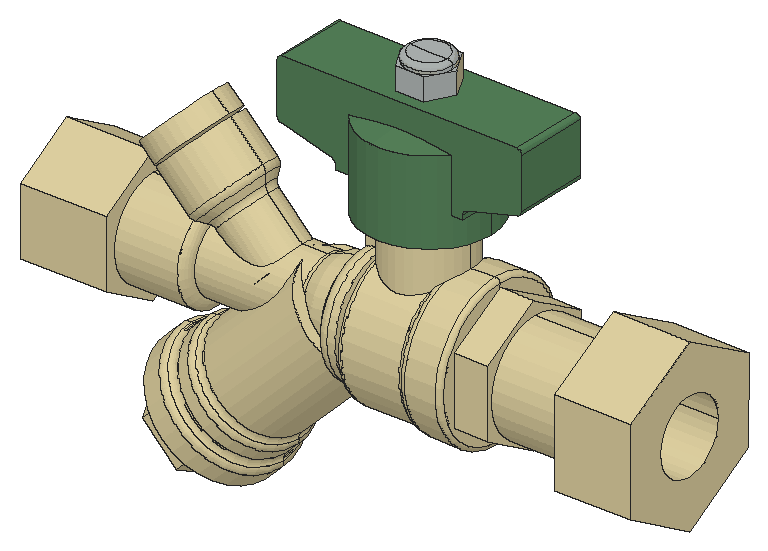
Revit family "QD36260000", category Apparecchi idraulici, Revit 2020
Family settings
  Quota connettore circolare = Usa diametro
  Tipo di parte = Normale
  Numero OmniClass = 23.45.00.00
  Titolo OmniClass = Sanitary, Laundry, and Cleaning Equipment
  Basato su piano di lavoro = No
  Sempre verticale = Sì
  Taglio con vuoti quando caricato = No
  Condiviso = No
  Punto di calcolo locali = No
Parameters
  URL = "https://web.cimberio.it/index.php/figura/1688?subcategoria_id=89"
  Temperatura di esercizio = "-20 ÷ 90°C"
  Prospetto di default = 0 mm
  Produttore = "CIMBERIO SPA"
  Pressione nominale = "PN 16"
  Modello = "Cim 624CRNL"
  Materiale = "Prodotto in lega di ottone conforme alla norma EN 12165-CW511L-DW nelle misure fino a 1\"1/4 e in lega di ottone conforme alla norma EN 1982-CC752S low lead nelle misure da 1\"1/2 a 2\""
  Descrizione = "Utilizzato nei più svariati settori dell'impiantistica: reti di distribuzione acqua potabile, impianti di riscaldamento, condizionamento, igienico-sanitari e in generale con ogni fluido non corrosivo"
  DN Model [instance] = QD36262099 : QD36262099
  DN [instance] = 15 mm
  Commenti sul tipo = "Realizzato in ottemperanza ai requisiti gestionali della norma EN ISO 9001.\r\nCollaudato al 100% secondo la normativa EN 12266-1"
Reference planes
  plane 1 "Centro (Fronte/Retro)": y = 0
  plane 2: z = 0
  plane 3 "Centro (Sinistra/Destra)": x = 0
Dimensions and locks
  aligned and locked: level to plane 2
Nested families
  nested 1: "QD36262099" at (0, 0, 0), type <- "DN Model", type "QD36262099"
    with Diametro DN singolo 15 mm, DN 10 mm
  nested 2: "QD36262099" at (0, 0, 0), type <- "DN Model", type "QD36262099"
    with Diametro DN singolo 20 mm, DN 10 mm
  nested 3: "QD36262099" at (0, 0, 0), type <- "DN Model", type "QD36262099"
    with Diametro DN singolo 20 mm, DN 10 mm
  nested 4: "QD36262099" at (0, 0, 0), type <- "DN Model", type "QD36262099"
    with Diametro DN singolo 25 mm, DN 10 mm
  nested 5: "QD36262099" at (0, 0, 0), type <- "DN Model", type "QD36262099"
    with Diametro DN singolo 25 mm, DN 10 mm
  nested 6: "QD36262099" at (0, 0, 0), type <- "DN Model", type "QD36262099"
    with Diametro DN singolo 32 mm, DN 10 mm
  nested 7: "QD36262099" at (0, 0, 0), type <- "DN Model", type "QD36262099"
    with Diametro DN singolo 32 mm, DN 10 mm
  nested 8: "QD36262099" at (0, 0, 0), type <- "DN Model", type "QD36262099"
    with Diametro DN singolo 32 mm, DN 10 mm
  nested 9: "QD36262099" at (0, 0, 0), type <- "DN Model", type "QD36262099"
    with Diametro DN singolo 40 mm, DN 10 mm
  nested 10: "QD36262099" at (0, 0, 0), type <- "DN Model", type "QD36262099"
    with Diametro DN singolo 40 mm, DN 10 mm
  nested 11: "QD36262099" at (0, 0, 0), type <- "DN Model", type "QD36262099"
    with Diametro DN singolo 50 mm, DN 10 mm
Connectors
  piping at (-74, 0, 0), diameter 15, driven by "DN"
    settings: on nested 1, index 1, connector inside diameter 609.6 mm, connector length 0 mm, flow factor 0, pipe flow 0.0 L/s, pressure drop 0.0 Pa, fitting loss kfactor 0, connector angle 0.00°, fixture units 0, engagement length 0 mm, angle of deflection 0.00°, flow configuration 0, flow direction 0, fitting loss method 0, system type 7, joint type 0, gender type 0, connector reference index -1, connector utility 0, adjustable connector no, is connector primary yes, connector description ""
  piping at (53.2, 0, 0), diameter 15, driven by "DN"
    settings: on nested 1, index 2, connector inside diameter 609.6 mm, connector length 0 mm, flow factor 0, pipe flow 0.0 L/s, pressure drop 0.0 Pa, fitting loss kfactor 0, connector angle 0.00°, fixture units 0, engagement length 0 mm, angle of deflection 0.00°, flow configuration 0, flow direction 0, fitting loss method 0, system type 7, joint type 0, gender type 0, connector reference index -1, connector utility 0, adjustable connector no, is connector primary no, connector description ""
Definition of nested family "QD36262099"
  Parameters (values of type "QD36262099")
    Default Elevation = 0 mm
    Diametro DN singolo [instance] = 15 mm
    DN [instance] = 10 mm  # constant formula
  Reference planes
    plane 1 "Centro (Fronte/Retro)": y = 0
    plane 2: z = 0
    plane 3 "Centro (Sinistra/Destra)": x = 0
  Forms (mm)
    Revolve 1, solid
      sketch origin (0, 0, 0.284) x (1, 0, 0) y (0, 0, 1)
        loop
          line (0, 51.516) -> (0, 49.733) -> (4.75, 49.733) -> (4.75, 50.516)
          arc (4.75, 50.516) -> (4.457, 51.223) -> (3.75, 51.516) r 1
          line (3.75, 51.516) -> (0, 51.516)
        axis (0, 51.516) -> (0, 49.733)
      angle from 0 to 360
    Revolve 2, solid
      sketch origin (0, 0, 0) x (1, 0, 0) y (0, 0, 1)
        loop
          line (14.5, -7.5) -> (-14.515, -7.5) -> (-14.515, -9.418)
          arc (-14.515, -9.418) -> (-13.96, -9.682) -> (-13.664, -10.221) r 1
          arc (-13.664, -10.221) -> (-13.426, -10.906) -> (-13, -11.494) r 2.5
          arc (-13, -11.494) -> (-12.177, -12.012) -> (-11.209, -12.098) r 2.073
          line (-11.209, -12.098) -> (-9.621, -12.098) -> (-7.332, -13.918)
          arc (-7.332, -13.918) -> (-6.994, -14.163) -> (-6.586, -14.25) r 1.005
          line (-6.586, -14.25) -> (5.249, -14.25)
          arc (5.249, -14.25) -> (5.659, -14.344) -> (6, -14.59) r 1.055
          arc (6, -14.59) -> (6.512, -14.96) -> (7.127, -15.1) r 1.583
          line (7.127, -15.1) -> (13.5, -15.25)
          arc (13.5, -15.25) -> (14.161, -15.002) -> (14.5, -14.383) r 1.015
          line (14.5, -14.383) -> (14.5, -7.5)
        axis (14.5, 0) -> (-14.515, 0)
      angle from 0 to 360
    Revolve 3, solid
      sketch origin (0, 0, 0) x (1, 0, 0) y (0, 0, 1)
        loop
          arc (-14.515, 9.418) -> (-17.326, 8.815) -> (-19.954, 7.651) r 14.005
          arc (-19.954, 7.651) -> (-20.338, 7.509) -> (-20.746, 7.5) r 1.237
          line (-20.746, 7.5) -> (-42.045, 7.5)
          arc (-42.045, 7.5) -> (-42.394, 8.941) -> (-43.413, 10.017) r 2.881
          line (-43.413, 10.017) -> (-56.412, 10.017) -> (-56.412, 6.5) -> (-14.515, 6.5) -> (-14.515, 9.418)
        axis (-56.412, 0) -> (-14.515, 0)
      angle from 0 to 360
    Extrusion 4, solid
      sketch origin (-11, 0, 0) x (0, 0, 1) y (0, 1, 0)
        loop
          circle (0, 0) r 7.5
        loop
          line (13.75, 0) -> (6.875, 11.908) -> (-6.875, 11.908) -> (-13.75, 0) -> (-6.875, -11.908) -> (6.875, -11.908) -> (13.75, 0)
      from 45.412 to 63
    Extrusion 5, solid
      sketch origin (66.912, 0, 0) x (0, 0, 1) y (0, 1, 0)
        loop
          circle (0, 0) r 7.5
        loop
          line (13.75, 0) -> (6.875, 11.908) -> (-6.875, 11.908) -> (-13.75, 0) -> (-6.875, -11.908) -> (6.875, -11.908) -> (13.75, 0)
      from 45.412 to 52.412
    Revolve 6, solid
      sketch origin (0, 0, 0) x (1, 0, 0) y (0, 0, 1)
        loop
          line (21.5, 11.1) -> (21.5, 7.5) -> (37.7, 7.5) -> (37.7, 11.1) -> (21.5, 11.1)
        axis (21.5, 0) -> (37.7, 0)
      angle from 0 to 360
    Extrusion 7, solid
      sketch origin (0, 0, 0) x (0, 1, 0) y (0, 0, 1)
        loop
          circle (0, 0) r 7.5
        loop
          line (0, 17.4) -> (-15.069, 8.7) -> (-15.069, -8.7) -> (0, -17.4) -> (15.069, -8.7) -> (15.069, 8.7) -> (0, 17.4)
      from 37.7 to 53.2
    Revolve 8, solid
      sketch origin (0, 0, 0) x (1, 0, 0) y (0, 0, 1)
        loop
          line (0, 27.296) -> (0, 10.626) -> (8.486, 10.626) -> (8.486, 27.296) -> (0, 27.296)
        axis (0, 27.296) -> (0, 10.626)
      angle from 0 to 360
    Extrusion 9, solid
      sketch origin (0, 0, 0) x (1, 0, 0) y (0, 0, 1)
        loop
          line (-8.5, 27.296) -> (-13, 27.296) -> (-13, 10.666) -> (-8.5, 10.666) -> (-8.5, 27.296)
      from -1.851 to 0
    Revolve 10, solid
      sketch origin (0, 0, 0) x (1, 0, 0) y (0, 0, 1)
        loop
          line (-40.565, 25.586) -> (-46.575, 19.575) -> (-29.447, 2.447) -> (-25.204, 6.69) -> (-32.849, 14.334)
          arc (-32.849, 14.334) -> (-33.282, 14.983) -> (-33.435, 15.748) r 2
          line (-33.435, 15.748) -> (-33.435, 17.627)
          arc (-33.435, 17.627) -> (-33.587, 18.392) -> (-34.02, 19.041) r 2
          line (-34.02, 19.041) -> (-40.565, 25.586)
        axis (-46.575, 19.575) -> (-29.447, 2.447)
      angle from 0 to 360
    Revolve 11, solid
      sketch origin (0, 0, 0) x (1, 0, 0) y (0, 0, 1)
        loop
          line (-43.27, -28.27) -> (-33.371, -38.17) -> (-30.337, -35.136)
          arc (-30.337, -35.136) -> (-29.888, -34.401) -> (-29.824, -33.542) r 1.833
          arc (-29.824, -33.542) -> (-29.712, -32.675) -> (-29.263, -31.941) r 1.833
          line (-29.263, -31.941) -> (-27.155, -29.832)
          arc (-27.155, -29.832) -> (-26.741, -29.196) -> (-26.62, -28.447) r 1.833
          arc (-26.62, -28.447) -> (-26.495, -27.698) -> (-26.081, -27.061) r 1.833
          line (-26.081, -27.061) -> (-7.868, -8.849) -> (-15.858, -0.858) -> (-43.27, -28.27)
        axis (-43.27, -28.27) -> (-15.858, -0.858)
      angle from 0 to 360
    Extrusion 12, solid
      sketch origin (-46.575, 0, 19.575) x (0.707107, 0, 0.707107) y (0, 1, 0)
        loop
          circle (0, 0) r 8.5
      from 0.5 to 5
    Extrusion 13, solid
      sketch origin (-43.27, 0, -28.27) x (0, 1, 0) y (0.707107, 0, -0.707107)
        loop
          line (0, -9.85) -> (8.53, -4.925) -> (8.53, 4.925) -> (0, 9.85) -> (-8.53, 4.925) -> (-8.53, -4.925) -> (0, -9.85)
      from 0 to 7
    Revolve 14, solid
      sketch origin (0, 0, 0) x (1, 0, 0) y (0, 0, 1)
        loop
          line (12.882, 22.799) -> (12.882, 39.858)
          arc (12.882, 39.858) -> (6.493, 41.103) -> (0, 41.57) r 53.993
          line (0, 41.57) -> (0, 28.799) -> (1.6, 28.799) -> (1.6, 22.799) -> (12.882, 22.799)
        axis (0, 41.57) -> (0, 22.799)
      angle from 0 to 360
    Extrusion 15, solid
      sketch origin (0, 0, 0) x (1, 0, 0) y (0, 0, 1)
        loop
          arc (-25, 34.567) -> (-24.793, 33.958) -> (-24.259, 33.601) r 1
          line (-24.259, 33.601) -> (-13.742, 30.783)
          arc (-13.742, 30.783) -> (-13.207, 30.426) -> (-13, 29.817) r 1
          line (-13, 29.817) -> (-13, 28.799) -> (13, 28.799) -> (13, 29.817)
          arc (13, 29.817) -> (13.206, 30.425) -> (13.74, 30.782) r 1
          line (13.74, 30.782) -> (24.259, 33.601)
          arc (24.259, 33.601) -> (24.793, 33.958) -> (25, 34.567) r 1
          line (25, 34.567) -> (25, 44.799)
          arc (25, 44.799) -> (24.707, 45.507) -> (24, 45.799) r 1
          line (24, 45.799) -> (-24, 45.799)
          arc (-24, 45.799) -> (-24.707, 45.507) -> (-25, 44.799) r 1
          line (-25, 44.799) -> (-25, 34.567)
      from -7.362 to 7.513
    Extrusion 16, solid
      sketch origin (0, 0, 28.55) x (1, 0, 0) y (0, 1, 0)
        loop
          line (5.774, 0) -> (2.887, 5) -> (-2.887, 5) -> (-5.774, 0) -> (-2.887, -5) -> (2.887, -5) -> (5.774, 0)
      from 17.249 to 21.749
  Dimensions and locks
    "Diametro DN singolo": diameter of Extrusion 4
    aligned and locked: level to plane 2
  Automatic sketch dimensions
    Revolve 1 sketch curve to plane 3 "Centro (Sinistra/Destra)" = 0 mm  (x2)
    plane 3 "Centro (Sinistra/Destra)" to Revolve 1 sketch curve = 3.75 mm
    Revolve 1 sketch curve to Revolve 1 sketch curve = 0 mm
    Revolve 1 sketch curve to Revolve 1 sketch curve = 1 mm
    level to Revolve 1 sketch curve = 50.016 mm
    Revolve 1 sketch curve to Revolve 1 sketch curve = 0.783 mm
    Revolve 1 sketch curve to Revolve 1 sketch curve = 1.783 mm
    Revolve 1 sketch curve to Revolve 1 sketch curve = 1.437 mm
    Revolve 1 sketch curve to Revolve 1 sketch curve = 1.354 mm
    Revolve 2 sketch curve to level = 0 mm
    Revolve 2 sketch curve to plane 3 "Centro (Sinistra/Destra)" = 14.647 mm
    Revolve 2 sketch curve to Revolve 2 sketch curve = 0.132 mm
    Revolve 2 sketch curve to Revolve 2 sketch curve = 3 mm
    Revolve 2 sketch curve to Revolve 2 sketch curve = 0.306 mm  (x2)
    Revolve 2 sketch curve to Revolve 2 sketch curve = 1.588 mm
    Revolve 2 sketch curve to Revolve 2 sketch curve = 2.289 mm
    Revolve 2 sketch curve to Revolve 2 sketch curve = 0.747 mm
    plane 3 "Centro (Sinistra/Destra)" to Revolve 2 sketch curve = 5.224 mm
    Revolve 2 sketch curve to Revolve 2 sketch curve = 0.025 mm
    Revolve 2 sketch curve to Revolve 2 sketch curve = 1.903 mm
    Revolve 2 sketch curve to Revolve 2 sketch curve = 0.037 mm
    Revolve 2 sketch curve to Revolve 2 sketch curve = 6.332 mm
    Revolve 2 sketch curve to Revolve 2 sketch curve = 0.004 mm
    Revolve 2 sketch curve to Revolve 2 sketch curve = 1.004 mm
    Revolve 2 sketch curve to level = 7.5 mm
    Revolve 2 sketch curve to Revolve 2 sketch curve = 1.918 mm
    Revolve 2 sketch curve to Revolve 2 sketch curve = 0.332 mm
    Revolve 2 sketch curve to Revolve 2 sketch curve = 0.298 mm
    Revolve 2 sketch curve to Revolve 2 sketch curve = 0.991 mm
    Revolve 2 sketch curve to Revolve 2 sketch curve = 2.051 mm
    Revolve 2 sketch curve to Revolve 2 sketch curve = 1.147 mm
    Revolve 2 sketch curve to Revolve 2 sketch curve = 6.018 mm
    Revolve 2 sketch curve to Revolve 2 sketch curve = 0.672 mm
    Revolve 2 sketch curve to Revolve 2 sketch curve = 0.718 mm
    Revolve 2 sketch curve to Revolve 2 sketch curve = 0.148 mm
    Revolve 2 sketch curve to Revolve 2 sketch curve = 1.582 mm
    Revolve 2 sketch curve to Revolve 2 sketch curve = 1.055 mm
    Revolve 2 sketch curve to Revolve 2 sketch curve = 63.049 mm
    Revolve 2 sketch curve to Revolve 2 sketch curve = 0 mm
    Revolve 2 sketch curve to Revolve 2 sketch curve = 45.5 mm
    Revolve 3 sketch curve to level = 0 mm
    level to Revolve 3 sketch curve = 10.017 mm
    Revolve 3 sketch curve to plane 3 "Centro (Sinistra/Destra)" = 56.412 mm
    Revolve 3 sketch curve to Revolve 3 sketch curve = 11.487 mm
    Revolve 3 sketch curve to Revolve 3 sketch curve = 1.512 mm
    Revolve 3 sketch curve to Revolve 3 sketch curve = 1.368 mm
    level to Revolve 3 sketch curve = 7.5 mm
    Revolve 3 sketch curve to plane 3 "Centro (Sinistra/Destra)" = 20.746 mm
    Revolve 3 sketch curve to Revolve 3 sketch curve = 0.177 mm
    Revolve 3 sketch curve to Revolve 3 sketch curve = 6.231 mm
    Revolve 3 sketch curve to level = 4.505 mm
    Revolve 3 sketch curve to Revolve 3 sketch curve = 1.517 mm
    Revolve 3 sketch curve to Revolve 3 sketch curve = 1 mm
    Revolve 3 sketch curve to Revolve 3 sketch curve = 1.224 mm
    Revolve 3 sketch curve to Revolve 3 sketch curve = 2.918 mm
    Revolve 3 sketch curve to Revolve 3 sketch curve = 19.589 mm
    Revolve 3 sketch curve to Revolve 3 sketch curve = 5.665 mm
    Extrusion 4 sketch curve to plane 1 "Centro (Fronte/Retro)" = 0 mm  (x3)
    Extrusion 4 sketch curve to level = 0 mm
    Extrusion 4 sketch curve to level = 6.875 mm  (x2)
    Extrusion 4 sketch curve to Extrusion 4 sketch curve = 6.875 mm
    level to Extrusion 4 sketch curve = 6.875 mm  (x2)
    Extrusion 4 sketch curve to Extrusion 4 sketch curve = 13.75 mm
    plane 1 "Centro (Fronte/Retro)" to Extrusion 4 sketch curve = 11.908 mm
    Extrusion 4 sketch curve to plane 1 "Centro (Fronte/Retro)" = 11.908 mm
    Extrusion 5 sketch curve to plane 1 "Centro (Fronte/Retro)" = 0 mm  (x3)
    Extrusion 5 sketch curve to level = 0 mm
    Extrusion 5 sketch curve to level = 6.875 mm  (x2)
    Extrusion 5 sketch curve to Extrusion 5 sketch curve = 6.875 mm
    level to Extrusion 5 sketch curve = 6.875 mm  (x2)
    level to Extrusion 5 sketch curve = 13.75 mm
    plane 1 "Centro (Fronte/Retro)" to Extrusion 5 sketch curve = 11.908 mm
    Extrusion 5 sketch curve to plane 1 "Centro (Fronte/Retro)" = 11.908 mm
    Revolve 6 sketch curve to level = 0 mm
    level to Revolve 6 sketch curve = 7.5 mm
    plane 3 "Centro (Sinistra/Destra)" to Revolve 6 sketch curve = 21.5 mm
    Revolve 6 sketch curve to Revolve 6 sketch curve = 16.2 mm
    Revolve 6 sketch curve to Revolve 6 sketch curve = 3.6 mm
    plane 3 "Centro (Sinistra/Destra)" to Revolve 6 sketch curve = 11.331 mm
    Revolve 6 sketch curve to Revolve 6 sketch curve = 6.509 mm
    Extrusion 7 sketch curve to plane 1 "Centro (Fronte/Retro)" = 0 mm  (x3)
    Extrusion 7 sketch curve to level = 0 mm
    plane 1 "Centro (Fronte/Retro)" to Extrusion 7 sketch curve = 15.069 mm
    Extrusion 7 sketch curve to plane 1 "Centro (Fronte/Retro)" = 15.069 mm
    Extrusion 7 sketch curve to level = 8.7 mm  (x2)
    Extrusion 7 sketch curve to Extrusion 7 sketch curve = 8.7 mm  (x2)
    level to Extrusion 7 sketch curve = 8.7 mm  (x2)
    Revolve 8 sketch curve to plane 3 "Centro (Sinistra/Destra)" = 0 mm  (x2)
    plane 3 "Centro (Sinistra/Destra)" to Revolve 8 sketch curve = 8.486 mm
    level to Revolve 8 sketch curve = 10.626 mm
    Revolve 8 sketch curve to Revolve 8 sketch curve = 16.67 mm
    Revolve 8 sketch curve to Revolve 8 sketch curve = 2.75 mm
    Revolve 8 sketch curve to Revolve 8 sketch curve = 5.818 mm
    Extrusion 9 sketch curve to plane 3 "Centro (Sinistra/Destra)" = 13 mm
    Extrusion 9 sketch curve to Extrusion 9 sketch curve = 4.5 mm
    level to Extrusion 9 sketch curve = 10.666 mm
    Extrusion 9 sketch curve to Extrusion 9 sketch curve = 16.631 mm
    level to Revolve 10 sketch curve = 19.575 mm
    Revolve 10 sketch curve to plane 3 "Centro (Sinistra/Destra)" = 46.575 mm
    level to Revolve 10 sketch curve = 25.586 mm
    Revolve 10 sketch curve to Revolve 10 sketch curve = 6.01 mm
    Revolve 10 sketch curve to Revolve 10 sketch curve = 5.13 mm
    level to Revolve 10 sketch curve = 19.041 mm
    Revolve 10 sketch curve to Revolve 10 sketch curve = 2 mm  (x2)
    level to Revolve 10 sketch curve = 14.334 mm
    Revolve 10 sketch curve to Revolve 10 sketch curve = 0.586 mm
    level to Revolve 10 sketch curve = 2.447 mm
    level to Revolve 10 sketch curve = 20.45 mm
    Revolve 10 sketch curve to Revolve 10 sketch curve = 0.875 mm
    level to Revolve 10 sketch curve = 1.545 mm
    Revolve 10 sketch curve to Revolve 10 sketch curve = 0.902 mm
    Revolve 11 sketch curve to level = 0 mm
    Revolve 11 sketch curve to plane 3 "Centro (Sinistra/Destra)" = 43.27 mm
    Revolve 11 sketch curve to Revolve 11 sketch curve = 9.899 mm
    Revolve 11 sketch curve to Revolve 11 sketch curve = 1.738 mm
    Revolve 11 sketch curve to Revolve 11 sketch curve = 1.296 mm  (x8)
    Revolve 11 sketch curve to Revolve 11 sketch curve = 2.37 mm  (x2)
    Revolve 11 sketch curve to Revolve 11 sketch curve = 0.812 mm
    Revolve 11 sketch curve to level = 0.858 mm
    Revolve 11 sketch curve to plane 3 "Centro (Sinistra/Destra)" = 15.858 mm
    Revolve 11 sketch curve to level = 8.849 mm
    Revolve 11 sketch curve to plane 3 "Centro (Sinistra/Destra)" = 7.868 mm
    Revolve 11 sketch curve to Revolve 11 sketch curve = 1.899 mm
    Revolve 11 sketch curve to Revolve 11 sketch curve = 2.771 mm
    Revolve 11 sketch curve to Revolve 11 sketch curve = 2.191 mm  (x2)
    Revolve 11 sketch curve to Revolve 11 sketch curve = 0.513 mm
    Revolve 11 sketch curve to Revolve 11 sketch curve = 0.049 mm
    Revolve 11 sketch curve to Revolve 11 sketch curve = 0.535 mm
    Revolve 11 sketch curve to Revolve 11 sketch curve = 0.004 mm
    Revolve 11 sketch curve to Revolve 11 sketch curve = 0.858 mm
    Extrusion 13 sketch curve to Revolve 11 = 0 mm  (x2)
    Revolve 11 to Extrusion 13 sketch curve = 8.53 mm
    Extrusion 13 sketch curve to Revolve 11 = 8.53 mm
    Extrusion 13 sketch curve to Extrusion 13 sketch curve = 4.925 mm  (x3)
    Extrusion 13 sketch curve to Extrusion 13 sketch curve = 9.85 mm  (x2)
    Revolve 14 sketch curve to plane 3 "Centro (Sinistra/Destra)" = 0 mm  (x2)
    Revolve 14 sketch curve to plane 3 "Centro (Sinistra/Destra)" = 0.619 mm
    plane 3 "Centro (Sinistra/Destra)" to Revolve 14 sketch curve = 1.6 mm
    Revolve 14 sketch curve to Revolve 14 sketch curve = 11.282 mm
    Revolve 14 sketch curve to level = 12.42 mm
    level to Revolve 14 sketch curve = 22.799 mm
    Revolve 14 sketch curve to Revolve 14 sketch curve = 6 mm
    Revolve 14 sketch curve to Revolve 14 sketch curve = 11.059 mm
    Revolve 14 sketch curve to Revolve 14 sketch curve = 5.919 mm
    Revolve 14 sketch curve to Revolve 14 sketch curve = 11.639 mm
    Extrusion 15 sketch curve to plane 3 "Centro (Sinistra/Destra)" = 24 mm
    Extrusion 15 sketch curve to Extrusion 15 sketch curve = 0 mm  (x15)
    Extrusion 15 sketch curve to Extrusion 15 sketch curve = 10 mm
    Extrusion 15 sketch curve to Extrusion 15 sketch curve = 0.258 mm
    Extrusion 15 sketch curve to Extrusion 15 sketch curve = 1 mm  (x6)
    plane 3 "Centro (Sinistra/Destra)" to Extrusion 15 sketch curve = 13 mm
    Extrusion 15 sketch curve to Extrusion 15 sketch curve = 0.74 mm
    Extrusion 15 sketch curve to Extrusion 15 sketch curve = 10.26 mm
    level to Extrusion 15 sketch curve = 28.799 mm
    Extrusion 15 sketch curve to Extrusion 15 sketch curve = 1.017 mm  (x2)
    Extrusion 15 sketch curve to Extrusion 15 sketch curve = 3.784 mm  (x2)
    Extrusion 15 sketch curve to Extrusion 15 sketch curve = 10.233 mm  (x2)
    Extrusion 15 sketch curve to Extrusion 15 sketch curve = 0.259 mm  (x2)
    plane 1 "Centro (Fronte/Retro)" to Extrusion 16 sketch curve = 0 mm  (x2)
    Extrusion 16 sketch curve to plane 3 "Centro (Sinistra/Destra)" = 5.774 mm
    Extrusion 16 sketch curve to plane 3 "Centro (Sinistra/Destra)" = 2.887 mm  (x2)
    plane 3 "Centro (Sinistra/Destra)" to Extrusion 16 sketch curve = 2.887 mm  (x2)
    Extrusion 16 sketch curve to Extrusion 16 sketch curve = 2.887 mm
    plane 1 "Centro (Fronte/Retro)" to Extrusion 16 sketch curve = 5 mm
    Extrusion 16 sketch curve to plane 1 "Centro (Fronte/Retro)" = 5 mm
    radius of Extrusion 4 sketch curve = 7.5 mm
    radius of Extrusion 5 sketch curve = 7.5 mm
    radius of Extrusion 7 sketch curve = 7.5 mm
    radius of Extrusion 12 sketch curve to Revolve 10 = 0 mm
